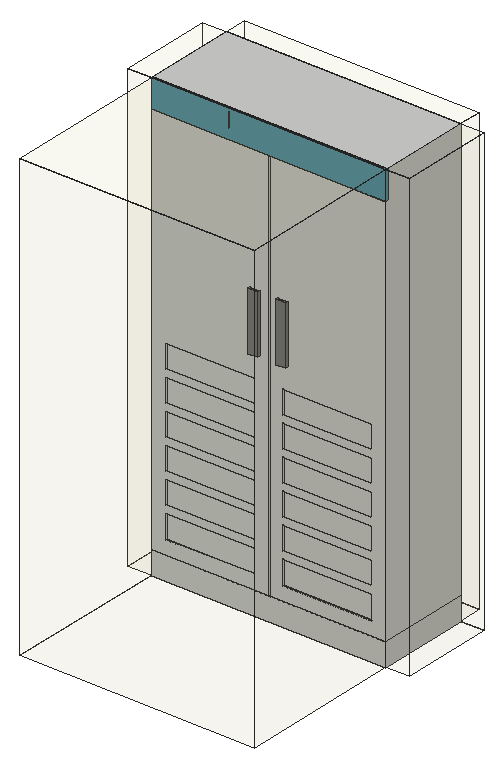
Revit family "SIVACON 8MF__", category Electrical Fixtures, Revit 2016
Family settings
  Maintain Annotation Orientation = No
  Part Type = Normal
  Round Connector Dimension = Use Diameter
  OmniClass Number = 23.80.00.00
  OmniClass Title = Electric Power and Lighting
  Work Plane-Based = No
  Always vertical = Yes
  Cut with Voids When Loaded = No
  Shared = No
  Room Calculation Point = No
Parameters (values of type "SIVACON 8MF IP20 natural ventilation")
  socket_sichtbar [instance] = or((socket_100), (socket_200))  # yes
  socket_200 [instance] = or(Height = H_3, or(Height = H_6, Height = H_9))  # no
  socket_100 [instance] = or(Height = H_2, or(Height = H_5, Height = H_8))  # yes
  Width [instance] = W : 1000
  W_5 = W : 1200
  W_4 = W : 1000
  W_3 = W : 0900
  W_2 = W : 0800
  W_1 = W : 0600
  Type of arrangement = "wall-standing; free-standing; extendable"
  Technical description LV-switchboard = "www.siemens.com"
  T [instance] = if(Depth = D_1, 400 mm, if(Depth = D_2, 500 mm, if(Depth = D_3, 600 mm, if(Depth = D_4, 800 mm, 1200 mm))))  # 400 mm
  Switchboard type = "SIVACON 8MF"
  Standards = "IEC"
  Specification texts = "www.siemens.com/specifications"
  Seismic safety = "without; with"
  SIMARIS planning tools = "www.siemens.com/simaris"
  Rated short-time current (Icw) 1s = ""
  Rated operational voltage (Ue) = ""
  Rated operational current (Icc) = ""
  Rated insulation voltage (Ui) = ""
  Rated impulse voltage (Uimp) = ""
  Rated frequency = ""
  Rated current (In) = ""
  Product data url = "https://bimobject.com/siemens/product/siemens_system-cubicles_sivacon-8mf"
  Product Guid = "28c81f15-efba-4c2d-9222-3132d3c14dbe"
  Plant depth = "400mm; 500mm; 600mm; 800mm; 1000mm"
  Panneling color = "RAL7035; design parts: Petrol"
  Panel type = "Empty panel"
  Panel coating = "Sendzimir-galvanised and powder-coated"
  Overvoltage category = ""
  Order number = "8MF..."
  Natural ventilation = "with"
  Material secondary = ""
  Material main = "Sheet steel (thickeness: 1.5mm;  frame 2,5mm)"
  IP_Typ = 20
  Height [instance] = H : H 1800 Socket 100
  Handle material = ""
  H_9 = H : H 2200 Socket 200
  H_8 = H : H 2200 Socket 100
  H_7 = H : H 2200 Socket None
  H_6 = H : H 2000 Socket 200
  H_5 = H : H 2000 Socket 100
  H_4 = H : H 2000 Socket None
  H_3 = H : H 1800 Socket 200
  H_2 = H : H 1800 Socket 100
  H_1 = H : H 1800 Socket None
  Function = "Control"
  Electromagnetic compatibility (EMC) = "without; with"
  Edition number = 0
  EMC = "without"
  Depth [instance] = D : 0400
  Degree of protection = "IP20; IP40; IP55"
  Degree of pollution = ""
  D_5 = D : 1200
  D_4 = D : 0800
  D_3 = D : 0600
  D_2 = D : 0500
  D_1 = D : 0400
  Consultant support for Totally Integrated Power (TIP) = "www.siemens.com/tip-cs"
  Connection type = "Cable"
  Connection to plant = "bottom"
  Clearance [instance] = yes
  Rated Power / Rated Voltage = ""
  Model = "Cubicle IP20 natural ventilation"
  IFC Classification = "Electric Distribution"
  Hges [instance] = HU + H  # 1900 mm
  HU [instance] = if(socket_sichtbar, HSo, 0 mm)  # 100 mm
  HSo [instance] = if(socket_200, 200 mm, 100 mm)  # 100 mm
  H [instance] = if(or(Height = H_1, or(Height = H_2, Height = H_3)), 1800 mm, if(or(Height = H_4, or(Height = H_5, Height = H_6)), 2000 mm, 2200 mm))  # 1800 mm
  Manufacturer = "Siemens AG"
  Cl_r_B [instance] = B + 100 mm  # 1100 mm
  Cl_o_H [instance] = if(H < 2400 mm, 2400 mm - H, 10 mm)  # 600 mm
  Cl_H_T [instance] = 950 mm
  Cable entry = "bottom"
  Base height = "0; 100mm; 200mm"
  B [instance] = if(Width = W_1, 600 mm, if(Width = W_2, 800 mm, if(Width = W_3, 900 mm, if(Width = W_4, 1000 mm, 1200 mm))))  # 1000 mm
Types (4, lengths in mm): name | Natural ventilation | IP_Typ | EMC | Model
  SIVACON 8MF IP20 natural ventilation | "with" | 20 | "without" | "Cubicle IP20 natural ventilation"
  SIVACON 8MF IP40 | "without" | 40 | "without" | "Cubicle IP40"
  SIVACON 8MF IP40 EMC | "without" | 401 | "with" | "Cubicle IP40 EMC"
  SIVACON 8MF IP55 (Door plain) | "without" | 55 | "without" | "Cubicle IP55 (Door plain)"
Reference planes
  plane 1 "Mitte (Vorne/Hinten)": y = 0
  plane 2: z = 0
  plane 3 "Mitte (Links/Rechts)": x = 0
  plane 4 "Schrankunterkante": z = 100
  plane 5 "Hinterkant Schrank": y = 400
  plane 6: z = 1900
Forms (mm)
  Extrusion 1, solid, material "Glas unsichtbar", visible <- "Clearance"
    sketch origin (0, 0, 0) x (0, 1, 0) y (0, 0, 1)
      loop
        line (0, 1900) -> (-700, 1900) -> (-700, 0) -> (0, 0) -> (0, 1900)
    from 0 to 1000 <- "B"
  Extrusion 2, solid, material "Siemens S8", visible <- "socket_sichtbar"
    sketch origin (0, 0, 0) x (0, 1, 0) y (0, 0, 1)
      loop
        line (400, 100) -> (0, 100) -> (0, 0) -> (400, 0) -> (400, 100)
    from 0 to 1000 <- "B"
  Extrusion 3, solid, material "Glas unsichtbar", visible <- "Clearance"
    sketch origin (0, 1969.153, 206.966) x (0, 1, 0) y (0, 0, 1)
      loop
        line (-1469.153, 1693.034) -> (-1569.153, 1693.034) -> (-1569.153, -206.966) -> (-1469.153, -206.966) -> (-1469.153, 1693.034)
    from 0 to 1000 <- "B"
  Extrusion 4, solid, material "Glas unsichtbar", visible <- "Clearance"
    sketch origin (0, 1480, 0) x (0, 1, 0) y (0, 0, 1)
      loop
        line (-1080, 1900) -> (-1480, 1900) -> (-1480, 0) -> (-1080, 0) -> (-1080, 1900)
    from -100 to 0
  Extrusion 5, solid, material "Glas unsichtbar", visible <- "Clearance"
    sketch origin (0, 2200, 0) x (0, 1, 0) y (0, 0, 1)
      loop
        line (-1800, 1900) -> (-2200, 1900) -> (-2200, 0) -> (-1800, 0) -> (-1800, 1900)
    from 1000 <- "B" to 1100 <- "Cl_r_B"
Dimensions and locks
  locked: Extrusion 1 sketch curve to Extrusion 1 sketch curve at 700
  "HU": plane 4 "Schrankunterkante" to plane 2
  Extrusion 2 sketch curve to plane 1 "Mitte (Vorne/Hinten)" = 0 mm
  "T": Extrusion 2 sketch curve to plane 1 "Mitte (Vorne/Hinten)"
  "HSo": Extrusion 2 sketch curve to Extrusion 2 sketch curve
  "Hges": Extrusion 1 sketch curve to Extrusion 1 sketch curve
  "T": plane 5 "Hinterkant Schrank" to plane 1 "Mitte (Vorne/Hinten)"
  "Hges": plane 6 to level
  locked: Extrusion 3 sketch curve to Extrusion 3 sketch curve at 100
  "Hges": Extrusion 3 sketch curve to Extrusion 3 sketch curve
  "T": Extrusion 4 sketch curve to Extrusion 4 sketch curve
  "Hges": Extrusion 4 sketch curve to Extrusion 4 sketch curve
  "T": Extrusion 5 sketch curve to Extrusion 5 sketch curve
  "Hges": Extrusion 5 sketch curve to Extrusion 5 sketch curve
  aligned and locked: level to plane 2
  aligned and locked: plane 2 to Extrusion 2 sketch curve
  aligned and locked: plane 1 "Mitte (Vorne/Hinten)" to Extrusion 1 sketch curve
  aligned and locked: plane 4 "Schrankunterkante" to nested 1
  aligned and locked: plane 1 "Mitte (Vorne/Hinten)" to nested 1
  aligned and locked: plane 3 "Mitte (Links/Rechts)" to nested 1
  aligned and locked: Extrusion 3 to level
  aligned and locked: plane 5 "Hinterkant Schrank" to Extrusion 3
  aligned and locked: Extrusion 4 to level
  aligned and locked: Extrusion 4 to plane 5 "Hinterkant Schrank"
  aligned and locked: Extrusion 5 to level
  aligned and locked: Extrusion 5 to plane 5 "Hinterkant Schrank"
Automatic sketch dimensions
  Extrusion 1 sketch curve to level = 0 mm
  Extrusion 3 sketch curve to plane 5 "Hinterkant Schrank" = 0 mm
  Extrusion 3 sketch curve to level = 0 mm
  Extrusion 4 sketch curve to plane 1 "Mitte (Vorne/Hinten)" = 0 mm
  Extrusion 4 sketch curve to level = 0 mm
  Extrusion 5 sketch curve to plane 6 = 0 mm
  plane 5 "Hinterkant Schrank" to Extrusion 5 sketch curve = 400 mm
Nested families
  nested 1: "8MF Sicube - Basic" at (0, 0, 100), B <- "B", H <- "H", T <- "T", IP_TYP <- "IP_Typ", type "Test"
    with leiste_oben_t 10 mm, XB002 90 mm, XB001 600 mm, X0002 5300 mm, X0001 5000 mm, Tuer_h 3500 mm, Tuer2 2000 mm, Tuer1 500 mm, T 400 mm, Schild_links 30 mm, Schild_OK 1790 mm, Leiste_oben_t1 -10 mm, Leiste_oben_h 120 mm, Ka_rand 60 mm, Ka_hinten 270 mm, Ka_T 940 mm, IP_TYP 20, H 1800 mm, Gri_b 40 mm, Gri_ab1 40 mm, Gri2_start 540 mm, Gri2_sichtbar yes, Gri2_ende 580 mm, Gri1_start 420 mm, Gri1_ende 460 mm, Glas_sichtbar no, Glas_T2 19 mm, Glas_T 20 mm, Glas_Rand 100 mm, Glas_H 1480 mm, Glas_B 300 mm, GZ_b 380 mm, GZ32_Ex_start 560 mm, GZ32_Ex_ende 940 mm, GZ31_Ex_start 560 mm, GZ31_Ex_ende 940 mm, GZ12_Ex_start 60 mm, GZ12_Ex_ende 440 mm, GZ11_Ex_start 60 mm, GZ11_Ex_ende 440 mm, GB 1200 mm, GAB_l 60 mm, B 1000 mm, GZ_h 100 mm, GH 1270 mm
Definition of nested family "8MF Sicube - Basic"
  Parameters (values of type "test 2400")
    leiste_oben_t [instance] = 10 mm
    XB_AE = 500 mm
    XB002 [instance] = Glas_Rand - 10 mm  # 90 mm
    XB001 [instance] = 600 mm
    X2002 = 285 mm
    X2001 = 50 mm
    X0WS2 = 15 mm
    X0WS1 = 1 mm
    X0R01 = 20 mm
    X0005 = -8 mm
    X0004 = -10 mm
    Ka_rand [instance] = 60 mm
    Ka_hinten [instance] = T - 130 mm  # 470 mm
    Ka_T [instance] = B - Ka_rand  # 1140 mm
    Glas_sichtbar [instance] = IP_TYP = 55  # yes
    Glas_T2 [instance] = Glas_T - 1 mm  # 39 mm
    Glas_Rand [instance] = 100 mm
    X0002 [instance] = X0001 + Glas_B  # 1100 mm
    X0001 [instance] = if(IP_TYP = 55, if(B > 800 mm, B / 2 + Glas_Rand, Glas_Rand), 5000 mm)  # 700 mm
    Tuer_h [instance] = if(H = 2400 mm, 2000 mm, 3500 mm)  # 3500 mm
    Tuer2 [instance] = 2000 mm  # constant formula
    Tuer1 [instance] = if(B > 800 mm, B / 2, 3000 mm)  # 600 mm
    T [instance] = 600 mm
    Schild_links [instance] = 30 mm  # constant formula
    Schild_Text_H = 25 mm
    Schild_OK [instance] = H - 10 mm  # 1990 mm
    Schild _ab = 0.5 mm  # constant formula
    Manufacturer = "Siemens AG"
    Leiste_oben_t1 [instance] = -leiste_oben_t  # -10 mm
    Leiste_oben_h [instance] = 100 mm
    Leiste1-Tiefe = 10 mm
    Leiste1-Abstand oben = 90 mm
    IP_TYP [instance] = 55
    IFC Classification = "Electric Distribution"
    H [instance] = 2000 mm
    Leiste1-Hoehe = 45 mm
    built-in parameter 1010108 = "Siemens AG"
    Gri_b [instance] = 40 mm
    Gri_ab1 [instance] = 40 mm
    Gri_H2 = 250 mm
    Gri_H1 = 900 mm
    Gri2_start [instance] = B / 2 + Gri_ab1  # 640 mm
    Gri2_sichtbar [instance] = B > 800 mm  # yes
    Gri2_ende [instance] = Gri2_start + Gri_b  # 680 mm
    Gri1_start [instance] = if(B > 800 mm, B / 2 - Gri_ab1 - Gri_b, Gri_ab1)  # 520 mm
    Gri1_ende [instance] = Gri1_start + Gri_b  # 560 mm
    Glas_T [instance] = 40 mm
    Glas_H [instance] = H - Leiste_oben_h - 2 * Glas_Rand  # 1700 mm
    Glas_B [instance] = (if(B > 800 mm, B / 2 - 2 * Glas_Rand, B - 2 * Glas_Rand))  # 400 mm
    GZ_b [instance] = B / 2 - (2 * GAB_l)  # 480 mm
    GZ_h = 90 mm
    GZ31_Ex_start [instance] = if(or(and(IP_TYP = 20, B > 800 mm), and(IP_TYP = 40, B > 800 mm)), B / 2 + GAB_l, 4000 mm)  # 4000 mm
    GZ31_Ex_ende [instance] = GZ31_Ex_start + GZ_b  # 4480 mm
    GZ32_Ex_start [instance] = if(and(IP_TYP = 20, B > 800 mm), B / 2 + GAB_l, 4000 mm)  # 4000 mm
    GZ32_Ex_ende [instance] = GZ32_Ex_start + GZ_b  # 4480 mm
    GZ11_Ex_ende [instance] = if(B > 800 mm, GZ_b + GZ11_Ex_start, GZ11_Ex_start + B - 2 * GAB_l)  # 3480 mm
    GZ11_Ex_start [instance] = if(or(IP_TYP = 20, IP_TYP = 40), GAB_l, 3000 mm)  # 3000 mm
    GZ12_Ex_start [instance] = if(IP_TYP = 20, GAB_l, 3000 mm)  # 3000 mm
    GZ12_Ex_ende [instance] = if(B > 800 mm, GZ_b + GZ12_Ex_start, GZ12_Ex_start + B - 2 * GAB_l)  # 3480 mm
    GST_d = GST_s  # 30 mm
    GST_s = 30 mm
    GH = GST_d + (8 * GST_s) + (10 * GZ_h)  # 1170 mm
    GB [instance] = GZ_b * 3 + 2 * GST_d  # 1500 mm
    GAB_u = 60 mm
    GAB_l [instance] = 60 mm
    B [instance] = 1200 mm
  Reference planes
    plane 1 "Mitte (Vorne/Hinten)": y = 0
    plane 2: z = 0
    plane 3 "Mitte (Links/Rechts)": x = 0
    plane 4 "Bedienelemente": y = -500
    plane 5: z = 60
    plane 6 "Schild Mitte": x = 30
    plane 7 "Schild OK": z = 1990
    plane 8 "Schil_hinten": y = -0.5
  Forms (mm)
    Extrusion 1, solid
      sketch origin (0, 0, 0) x (0, 1, 0) y (0, 0, 1)
        loop
          line (0, 0) -> (600, 0) -> (600, 2000) -> (0, 2000) -> (0, 0)
      from 0 to 1200 <- "B"
    Extrusion 2, void
      sketch origin (0, 951.61, -2102.238) x (0, 1, 0) y (0, 0, 1)
        loop
          line (-911.61, 3902.238) -> (-951.61, 3902.238) -> (-951.61, 2202.238) -> (-911.61, 2202.238) -> (-911.61, 3902.238)
      from 700 <- "X0001" to 1100 <- "X0002"
    Extrusion 3, solid, visible <- "Glas_sichtbar"
      sketch origin (2063.516, 40, 100) x (0, 0, 1) y (-1, 0, 0)
        loop
          line (0, 1363.516) -> (0, 963.516) -> (1700, 963.516) -> (1700, 1363.516) -> (0, 1363.516)
      from 0 to 39 <- "Glas_T2"
    Extrusion 4, void
      sketch origin (0, 0, 60) x (0, 1, 0) y (0, 0, 1)
        loop
          line (5, 0) -> (5, 90) -> (0, 90) -> (0, 0) -> (5, 0)
        loop
          line (5, 120) -> (5, 210) -> (0, 210) -> (0, 120) -> (5, 120)
        loop
          line (5, 240) -> (5, 330) -> (0, 330) -> (0, 240) -> (5, 240)
      from 3000 <- "GZ11_Ex_start" to 3480 <- "GZ11_Ex_ende"
    Extrusion 5, void
      sketch origin (0, 0, 940) x (0, 1, 0) y (0, 0, 1)
        loop
          line (5, -520) -> (5, -430) -> (0, -430) -> (0, -520) -> (5, -520)
        loop
          line (5, -400) -> (5, -310) -> (0, -310) -> (0, -400) -> (5, -400)
        loop
          line (5, -280) -> (5, -190) -> (0, -190) -> (0, -280) -> (5, -280)
      from 3000 <- "GZ12_Ex_start" to 3480 <- "GZ12_Ex_ende"
    Extrusion 6, void
      sketch origin (0, 0, 540) x (0, 1, 0) y (0, 0, 1)
        loop
          line (5, -480) -> (5, -390) -> (0, -390) -> (0, -480) -> (5, -480)
        loop
          line (5, -360) -> (5, -270) -> (0, -270) -> (0, -360) -> (5, -360)
        loop
          line (5, -240) -> (5, -150) -> (0, -150) -> (0, -240) -> (5, -240)
      from 4000 <- "GZ31_Ex_start" to 4480 <- "GZ31_Ex_ende"
    Extrusion 7, void
      sketch origin (0, 0, 840) x (0, 1, 0) y (0, 0, 1)
        loop
          line (5, -420) -> (5, -330) -> (0, -330) -> (0, -420) -> (5, -420)
        loop
          line (5, -300) -> (5, -210) -> (0, -210) -> (0, -300) -> (5, -300)
        loop
          line (5, -180) -> (5, -90) -> (0, -90) -> (0, -180) -> (5, -180)
      from 4000 <- "GZ32_Ex_start" to 4480 <- "GZ32_Ex_ende"
    Extrusion 8, void
      sketch origin (0, 0, 0) x (1, 0, 0) y (0, 1, 0)
        loop
          line (600, 0) -> (610, 0) -> (610, 10) -> (600, 10) -> (600, 0)
      from 0 to 3500 <- "Tuer_h"
    Extrusion 9, void
      sketch origin (0, 0, 0) x (1, 0, 0) y (0, 1, 0)
        loop
          line (2000, 0) -> (2010, 0) -> (2010, 10) -> (2000, 10) -> (2000, 0)
      from 0 to 3500 <- "Tuer_h"
    Extrusion 10, void
      sketch origin (0, 0, 0) x (0, 1, 0) y (0, 0, 1)
        loop
          line (10, 3500) -> (10, 3510) -> (0, 3510) -> (0, 3500) -> (10, 3500)
      from 0 to 2400
    Extrusion 11, solid
      sketch origin (0, 0, 0) x (0, 1, 0) y (0, 0, 1)
        loop
          line (0, 1150) -> (-10, 1150) -> (-10, 900) -> (0, 900) -> (0, 1150)
      from 520 <- "Gri1_start" to 560 <- "Gri1_ende"
    Extrusion 12, solid, visible <- "Gri2_sichtbar"
      sketch origin (0, 0, 420) x (0, 1, 0) y (0, 0, 1)
        loop
          line (0, 730) -> (-10, 730) -> (-10, 480) -> (0, 480) -> (0, 730)
      from 640 <- "Gri2_start" to 680 <- "Gri2_ende"
    Extrusion 13, void
      sketch origin (0, 0, 0) x (1, 0, 0) y (0, 0, 1)
        loop
          line (0, 2000) -> (0, 1900) -> (1200, 1900) -> (1200, 2000) -> (0, 2000)
      from 0 to -10 <- "Leiste_oben_t1"
    Extrusion 14, solid
      sketch origin (0, 0, 0) x (1, 0, 0) y (0, 0, 1)
        loop
          line (0, 2000) -> (0, 1900) -> (1200, 1900) -> (1200, 2000) -> (0, 2000)
      from 0 to -10 <- "Leiste_oben_t1"
    Extrusion 15, void
      sketch origin (0, 0, 0) x (0, 1, 0) y (0, 0, 1)
        loop
          line (470, 50) -> (400, 50) -> (400, 0) -> (470, 0) -> (470, 50)
      from 60 <- "Ka_rand" to 1140 <- "Ka_T"
  Cuts and joins
    Extrusion 2, Extrusion 4, Extrusion 5, Extrusion 6, Extrusion 7, Extrusion 8, Extrusion 9, Extrusion 10, Extrusion 13, Extrusion 15 cuts Extrusion 1
  Dimensions and locks
    "T": Extrusion 1 sketch curve to Extrusion 1 sketch curve
    "H": Extrusion 1 sketch curve to Extrusion 1 sketch curve
    "Glas_H": Extrusion 2 sketch curve to Extrusion 2 sketch curve
    "Glas_T": Extrusion 2 sketch curve to Extrusion 2 sketch curve
    "Glas_Rand": Extrusion 1 to Extrusion 2
    "Glas_H": Extrusion 3 sketch curve to Extrusion 3 sketch curve
    "XB_AE": plane 1 "Mitte (Vorne/Hinten)" to plane 4 "Bedienelemente"
    "Glas_B": cut or joined group 1 (Extrusion 1, Extrusion 2, Extrusion 4, Extrusion 5, Extrusion 6, Extrusion 7, Extrusion 8, Extrusion 9, Extrusion 10, Extrusion 13, Extrusion 15) to Extrusion 3 sketch curve
    "GZ_h": Extrusion 4 sketch curve to Extrusion 4 sketch curve  (x3)
    locked: Extrusion 4 sketch curve to Extrusion 4 sketch curve at 5
    "GST_s": Extrusion 4 sketch curve to Extrusion 4 sketch curve  (x2)
    "GAB_u": plane 5 to level
    "GZ_h": Extrusion 5 sketch curve to Extrusion 5 sketch curve  (x3)
    locked: Extrusion 5 sketch curve to Extrusion 5 sketch curve at 5
    "GST_s": Extrusion 5 sketch curve to Extrusion 5 sketch curve  (x2)
    "GZ_h": Extrusion 6 sketch curve to Extrusion 6 sketch curve  (x3)
    locked: Extrusion 6 sketch curve to Extrusion 6 sketch curve at 5
    "GST_s": Extrusion 6 sketch curve to Extrusion 6 sketch curve  (x2)
    "GZ_h": Extrusion 7 sketch curve to Extrusion 7 sketch curve  (x3)
    locked: Extrusion 7 sketch curve to Extrusion 7 sketch curve at 5
    "GST_s": Extrusion 7 sketch curve to Extrusion 7 sketch curve  (x2)
    locked: Extrusion 8 sketch curve to Extrusion 8 sketch curve at 10  (x2)
    "Tuer1": cut or joined group 1 to Extrusion 8 sketch curve
    locked: Extrusion 9 sketch curve to Extrusion 9 sketch curve at 10  (x2)
    "Tuer2": cut or joined group 1 to Extrusion 9 sketch curve
    locked: Extrusion 10 sketch curve to Extrusion 10 sketch curve at 10  (x2)
    "Tuer_h": cut or joined group 1 to Extrusion 10 sketch curve
    "Schild_links": plane 6 "Schild Mitte" to plane 3 "Mitte (Links/Rechts)"
    "Schild_OK": plane 7 "Schild OK" to level
    "Schild _ab": plane 1 "Mitte (Vorne/Hinten)" to plane 8 "Schil_hinten"
    "GST_d": cut or joined group 1 to cut or joined group 1
    "GST_d": Extrusion 7 to Extrusion 6
    cut or joined group 1 to cut or joined group 1 = 480 mm
    cut or joined group 1 to cut or joined group 1 = 2880 mm
    cut or joined group 1 to cut or joined group 1 = 3390 mm
    locked: Extrusion 11 sketch curve to Extrusion 11 sketch curve at 10
    "Gri_H2": Extrusion 11 sketch curve to Extrusion 11 sketch curve
    "Gri_H1": Extrusion 11 sketch curve to level
    locked: Extrusion 12 sketch curve to Extrusion 12 sketch curve at 10
    "Gri_H2": Extrusion 12 sketch curve to Extrusion 12 sketch curve
    "Gri_H1": Extrusion 12 sketch curve to level
    "B": Extrusion 13 sketch curve to Extrusion 13 sketch curve
    "Leiste_oben_h": Extrusion 13 sketch curve to Extrusion 13 sketch curve
    "H": Extrusion 13 sketch curve to level
    "Leiste_oben_h": Extrusion 14 sketch curve to Extrusion 14 sketch curve
    "B": Extrusion 14 sketch curve to Extrusion 14 sketch curve
    "H": Extrusion 14 sketch curve to level
    locked: Extrusion 15 sketch curve to Extrusion 15 sketch curve at 50
    locked: Extrusion 15 sketch curve to Extrusion 15 sketch curve at 70
    "Ka_hinten": Extrusion 15 sketch curve to plane 1 "Mitte (Vorne/Hinten)"
    aligned and locked: level to plane 2
    aligned and locked: level to Extrusion 1 sketch curve
    aligned and locked: Extrusion 1 to Extrusion 2
    aligned and locked: Extrusion 3 to cut or joined group 1  (x2)
    aligned and locked: plane 1 "Mitte (Vorne/Hinten)" to Extrusion 4 sketch curve
    aligned and locked: Extrusion 4 sketch curve to Extrusion 4 sketch curve  (x2)
    aligned and locked: plane 5 to cut or joined group 1  (x2)
    aligned and locked: Extrusion 5 sketch curve to Extrusion 5 sketch curve  (x2)
    aligned and locked: Extrusion 6 sketch curve to Extrusion 6 sketch curve  (x2)
    aligned and locked: Extrusion 7 sketch curve to Extrusion 7 sketch curve  (x2)
    aligned and locked: cut or joined group 1 to Extrusion 8 sketch curve
    aligned and locked: cut or joined group 1 to Extrusion 9 sketch curve
    aligned and locked: cut or joined group 1 to Extrusion 10 sketch curve
    aligned and locked: plane 8 "Schil_hinten" to nested 1
    aligned and locked: plane 1 "Mitte (Vorne/Hinten)" to Extrusion 11 sketch curve
    aligned and locked: plane 7 "Schild OK" to nested 1
    aligned and locked: plane 6 "Schild Mitte" to nested 1
    aligned and locked: plane 3 "Mitte (Links/Rechts)" to Extrusion 13 sketch curve
    aligned and locked: plane 3 "Mitte (Links/Rechts)" to Extrusion 14 sketch curve
    aligned and locked: level to Extrusion 15 sketch curve
  Automatic sketch dimensions
    Extrusion 3 sketch curve to Extrusion 2 = 0 mm  (x2)
    Extrusion 4 sketch curve to plane 1 "Mitte (Vorne/Hinten)" = 0 mm  (x2)
    Extrusion 4 sketch curve to plane 5 = 0 mm
    Extrusion 5 sketch curve to plane 1 "Mitte (Vorne/Hinten)" = 0 mm  (x3)
    plane 5 to Extrusion 5 sketch curve = 360 mm
    Extrusion 6 sketch curve to plane 1 "Mitte (Vorne/Hinten)" = 0 mm  (x3)
    Extrusion 6 sketch curve to plane 5 = 0 mm
    Extrusion 7 sketch curve to plane 1 "Mitte (Vorne/Hinten)" = 0 mm  (x3)
    plane 5 to Extrusion 7 sketch curve = 360 mm
    Extrusion 12 sketch curve to plane 1 "Mitte (Vorne/Hinten)" = 0 mm
    Extrusion 1 sketch curve to plane 1 "Mitte (Vorne/Hinten)" = 0 mm
    Extrusion 2 sketch curve to plane 1 "Mitte (Vorne/Hinten)" = 0 mm
    plane 5 to Extrusion 2 sketch curve = 40 mm
  Nested families
    nested 1: "Siemens Text" at (30, -0.5, 1990), type "Test"
  Definition of nested family "Siemens Text"
    Parameters (values of type "Test")
      Schild_Text_Tiefe = 0 mm  # constant formula
      Schild_Text_H = 45 mm  # constant formula
      Schild_Text_T1 = 0.5 mm  # constant formula
      Manufacturer = "Siemens AG"
      IFC Classification = "Electric Distribution"
      built-in parameter 1010108 = "Siemens AG"
    Reference planes
      plane 1 "Mitte (Vorne/Hinten)": y = 0
      plane 2: z = 0
      plane 3 "Mitte (Links/Rechts)": x = 0
      plane 4 "Einfiegefläche_Text": y = -0.5
    Forms (mm)
      Extrusion 1, solid
        sketch origin (0, 0, 0) x (1, 0, 0) y (0, 0, 1)
          loop
            line (0, 0) -> (0, -65) -> (300, -65) -> (300, 0) -> (0, 0)
        from -5 to -3
    Dimensions and locks
      "Schild_Text_T1": plane 1 "Mitte (Vorne/Hinten)" to plane 4 "Einfiegefläche_Text"
      level to text3d elem = 10 mm
      text3d elem to text3d elem = 45 mm
      text3d elem to plane 3 "Mitte (Links/Rechts)" = 10 mm
      text3d elem to text3d elem = 275.538 mm
      Extrusion 1 sketch curve to Extrusion 1 sketch curve = 65 mm
      Extrusion 1 sketch curve to Extrusion 1 sketch curve = 300 mm
      aligned and locked: level to plane 2
      aligned and locked: Extrusion 1 sketch curve to level
      aligned and locked: plane 3 "Mitte (Links/Rechts)" to Extrusion 1 sketch curve
